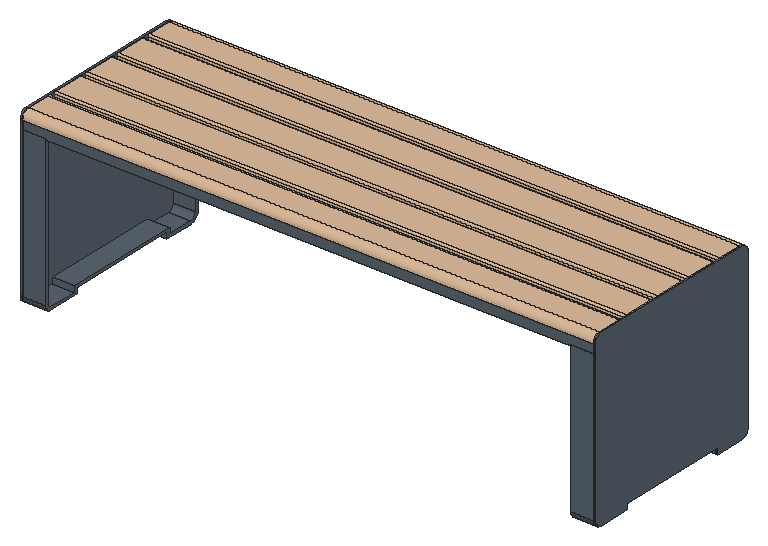
Revit family "product code 61107-S-L", category Meble, Revit 2021
Family settings
  Numer OmniClass = 23.40.20.00
  Tytuł OmniClass = General Furniture and Specialties
  Oparty na płaszczyźnie roboczej = Nie
  Zawsze pionowo = Tak
  Tnij formami wycięć po wczytaniu = Nie
  Współdzielony = Nie
  Punkt obliczania pomieszczeń = Nie
Parameters (values of type "61107-S-L")
  wood = Kobenhagen Wood - Larch
  metal = Kobenhagen RAL 5011
  Width = "50 cm"
  Weight = "45 kg"
  URL = "https://kobenhagen.com/en_US/p/Indre-By-3-person-Bench-wo-Backrest/206"
  Product line = "Indre By"
  Product Groups = "Benches"
  Producent = "Lars Laj"
  Keynote = ""
  Opis = "Indre By 3-person Bench w/o Backrest"
  Model = "61107-S-L"
  Material = "Larch, stainless steel, powder coated steel"
  Maintenance = "We recommend to examine and tighten all screws and bolt clamps after a few weeks’ use. In order to prevent cracks and to extend the life of the wood, it is recommended that the wood details should be oiled every 3-5 years."
  Lenght = "150 cm"
  Type Comments = ""
  Kobenhagen Materials = "larslaj.com/bim"
  Hosted on larslaj.com = "https://larslaj.com/bim"
  Height = "45 cm"
  Domyślna rzędna = 0 mm
  Copyright = "All designs and drawings are the intellectual property of Lars Laj A/S and are protected by Danish and international copyright laws."
Reference planes
  plane 1 "front": y = 0
  plane 2: z = 0
  plane 3 "Środek (Lewa/Prawa)": x = 0
  plane 4 "left": x = -745
  plane 5 "right": x = 745
  plane 6 "back": y = 575.242
  plane 7: x = -685
  plane 8: x = 685
  plane 9: x = 0.104
  plane 10: z = 405.966
Forms (mm)
  Extrusion 1, solid, material "Kobenhagen Wood - Larch" <- "wood"
    sketch origin (0, -0.031, 21.46) x (0, 1, 0) y (0, 0, 1)
      loop
        arc (260.118, 430.04) -> (256.583, 428.576) -> (255.118, 425.04) r 5
        line (255.118, 425.04) -> (255.118, 388.972)
        arc (255.118, 388.972) -> (255.693, 387.586) -> (257.078, 387.012) r 1.96
        line (257.078, 387.012) -> (342.493, 387.012)
        arc (342.493, 387.012) -> (343.908, 387.598) -> (344.493, 389.012) r 2
        line (344.493, 389.012) -> (344.493, 425.04)
        arc (344.493, 425.04) -> (343.029, 428.576) -> (339.493, 430.04) r 5
        line (339.493, 430.04) -> (260.118, 430.04)
    from -745 to 745
  Extrusion 2, solid, material "Kobenhagen Wood - Larch" <- "wood"
    sketch origin (0, -102.48, 21.46) x (0, 1, 0) y (0, 0, 1)
      loop
        arc (260.118, 430.04) -> (256.583, 428.576) -> (255.118, 425.04) r 5
        line (255.118, 425.04) -> (255.118, 388.972)
        arc (255.118, 388.972) -> (255.693, 387.586) -> (257.078, 387.012) r 1.96
        line (257.078, 387.012) -> (342.493, 387.012)
        arc (342.493, 387.012) -> (343.908, 387.598) -> (344.493, 389.012) r 2
        line (344.493, 389.012) -> (344.493, 425.04)
        arc (344.493, 425.04) -> (343.029, 428.576) -> (339.493, 430.04) r 5
        line (339.493, 430.04) -> (260.118, 430.04)
    from -745 to 745
  Extrusion 3, solid, material "Kobenhagen Wood - Larch" <- "wood"
    sketch origin (0, -204.98, 21.46) x (0, 1, 0) y (0, 0, 1)
      loop
        arc (275.801, 430.04) -> (261.497, 424.045) -> (255.743, 409.642) r 20.061
        line (255.743, 409.642) -> (258.916, 409.642) -> (258.916, 387.013) -> (343.118, 387.013)
        arc (343.118, 387.013) -> (344.532, 387.598) -> (345.117, 389.012) r 1.999
        line (345.117, 389.012) -> (345.117, 425.043)
        arc (345.117, 425.043) -> (343.653, 428.577) -> (340.119, 430.04) r 4.998
        line (340.119, 430.04) -> (275.801, 430.04)
    from -745 to 745
  Extrusion 4, solid, material "Kobenhagen Wood - Larch" <- "wood"
    sketch origin (0, 102.52, 22.625) x (0, 1, 0) y (0, 0, 1)
      loop
        arc (260.118, 428.875) -> (256.583, 427.411) -> (255.118, 423.875) r 5
        line (255.118, 423.875) -> (255.118, 387.808)
        arc (255.118, 387.808) -> (255.693, 386.422) -> (257.078, 385.848) r 1.96
        line (257.078, 385.848) -> (342.493, 385.848)
        arc (342.493, 385.848) -> (343.908, 386.433) -> (344.493, 387.848) r 2
        line (344.493, 387.848) -> (344.493, 423.875)
        arc (344.493, 423.875) -> (343.029, 427.411) -> (339.493, 428.875) r 5
        line (339.493, 428.875) -> (260.118, 428.875)
    from -745 to 745
  Extrusion 5, solid, material "Kobenhagen RAL 5011" <- "metal"
    sketch origin (1495.378, 0, 0) x (0, -1, 0) y (0, 0, 1)
      loop
        line (-71.187, 451.5) -> (-526.545, 451.5)
        arc (-526.545, 451.5) -> (-542.168, 445.029) -> (-548.638, 429.407) r 22.093
        line (-548.638, 429.407) -> (-548.638, 21.615)
        arc (-548.638, 21.615) -> (-542.307, 6.331) -> (-527.023, 0) r 21.615
        line (-527.023, 0) -> (-448.638, 0) -> (-448.638, 15) -> (-153.638, 15) -> (-153.638, 0) -> (-69.418, 0)
        arc (-69.418, 0) -> (-56.527, 5.34) -> (-51.187, 18.231) r 18.231
        line (-51.187, 18.231) -> (-51.187, 431.5)
        arc (-51.187, 431.5) -> (-57.045, 445.642) -> (-71.187, 451.5) r 20
    from 750.378 to 745
  Extrusion 6, solid, material "Kobenhagen RAL 5011" <- "metal", not visible
    sketch origin (0, 0, 0) x (0, 1, 0) y (0, 0, 1)
      loop
        arc (71.187, 451.5) -> (57.045, 445.642) -> (51.187, 431.5) r 20
        line (51.187, 431.5) -> (51.187, 18.231)
        arc (51.187, 18.231) -> (56.527, 5.34) -> (69.418, 0) r 18.231
        line (69.418, 0) -> (153.638, 0) -> (153.638, 15) -> (448.638, 15) -> (448.638, 0) -> (527.023, 0)
        arc (527.023, 0) -> (542.307, 6.331) -> (548.638, 21.615) r 21.615
        line (548.638, 21.615) -> (548.638, 429.407)
        arc (548.638, 429.407) -> (542.168, 445.029) -> (526.545, 451.5) r 22.093
        line (526.545, 451.5) -> (71.187, 451.5)
    from 750.378 to 745
  Extrusion 7, solid, material "Kobenhagen RAL 5011" <- "metal", not visible
    sketch origin (0, 0, 0) x (0, 1, 0) y (0, 0, 1)
      loop
        line (548.638, 396.844) -> (629.375, 854.725) -> (601.836, 859.581)
        arc (601.836, 859.581) -> (585.224, 855.898) -> (576.082, 841.547) r 22.232
        line (576.082, 841.547) -> (507.306, 451.5) -> (526.545, 451.5)
        arc (526.545, 451.5) -> (542.168, 445.029) -> (548.638, 429.407) r 22.093
        line (548.638, 429.407) -> (548.638, 396.844)
    from 745 to 750.378
  Extrusion 8, solid, material "Kobenhagen RAL 5011" <- "metal"
    sketch origin (0, 0, 0) x (0, -1, 0) y (0, 0, 1)
      loop
        line (-71.187, 451.5) -> (-526.545, 451.5)
        arc (-526.545, 451.5) -> (-542.168, 445.029) -> (-548.638, 429.407) r 22.093
        line (-548.638, 429.407) -> (-548.638, 21.615)
        arc (-548.638, 21.615) -> (-542.307, 6.331) -> (-527.023, 0) r 21.615
        line (-527.023, 0) -> (-448.638, 0) -> (-448.638, 15) -> (-153.638, 15) -> (-153.638, 0) -> (-69.418, 0)
        arc (-69.418, 0) -> (-56.527, 5.34) -> (-51.187, 18.231) r 18.231
        line (-51.187, 18.231) -> (-51.187, 431.5)
        arc (-51.187, 431.5) -> (-57.045, 445.642) -> (-71.187, 451.5) r 20
    from 750.378 to 745
  Extrusion 9, solid, material "Kobenhagen RAL 5011" <- "metal"
    sketch origin (0, 0, 0) x (0, 1, 0) y (0, 0, 1)
      loop
        line (548.638, 23.296) -> (548.638, 408.472) -> (51.187, 408.472) -> (51.187, 18.763)
        arc (51.187, 18.763) -> (56.683, 5.495) -> (69.95, 0) r 18.763
        line (69.95, 0) -> (153.638, 0) -> (153.638, 15) -> (448.638, 15) -> (448.638, 0) -> (525.342, 0)
        arc (525.342, 0) -> (541.815, 6.823) -> (548.638, 23.296) r 23.296
      loop
        line (58.687, 400.262) -> (58.687, 18.763)
        arc (58.687, 18.763) -> (61.986, 10.799) -> (69.95, 7.5) r 11.263
        line (69.95, 7.5) -> (146.138, 7.5) -> (146.138, 22.5) -> (456.138, 22.5) -> (456.138, 7.5) -> (525.342, 7.5)
        arc (525.342, 7.5) -> (536.512, 12.127) -> (541.138, 23.296) r 15.796
        line (541.138, 23.296) -> (541.138, 400.262) -> (58.687, 400.262)
    from -745 to -685
  Extrusion 10, solid, material "Kobenhagen RAL 5011" <- "metal"
    sketch origin (0, 0, 0) x (0, 1, 0) y (0, 0, 1)
      loop
        line (527.77, 408.472) -> (72.058, 408.472) -> (72.058, 405.966) -> (527.77, 405.966) -> (527.77, 408.472)
    from 30.093 to -29.679
  Extrusion 11, solid, material "Kobenhagen RAL 5011" <- "metal"
    sketch origin (0, 0, 0) x (0, 1, 0) y (0, 0, 1)
      loop
        line (53.936, 431.102) -> (51.187, 431.102) -> (51.187, 405.966) -> (72.058, 405.966) -> (72.058, 408.472) -> (53.936, 408.472) -> (53.936, 431.102)
    from -745 to 745
  Extrusion 12, solid, material "Kobenhagen RAL 5011" <- "metal"
    sketch origin (0, 0, 0) x (0, 1, 0) y (0, 0, -1)
      loop
        arc (548.638, -23.296) -> (541.815, -6.823) -> (525.342, 0) r 23.296
        line (525.342, 0) -> (448.638, 0) -> (448.638, -15) -> (153.638, -15) -> (153.638, 0) -> (69.95, 0)
        arc (69.95, 0) -> (56.683, -5.495) -> (51.187, -18.763) r 18.763
        line (51.187, -18.763) -> (51.187, -408.472) -> (548.638, -408.472) -> (548.638, -23.296)
      loop
        line (58.687, -400.262) -> (541.138, -400.262) -> (541.138, -23.296)
        arc (541.138, -23.296) -> (536.512, -12.127) -> (525.342, -7.5) r 15.796
        line (525.342, -7.5) -> (456.138, -7.5) -> (456.138, -22.5) -> (146.138, -22.5) -> (146.138, -7.5) -> (69.95, -7.5)
        arc (69.95, -7.5) -> (61.986, -10.799) -> (58.687, -18.763) r 11.263
        line (58.687, -18.763) -> (58.687, -400.262)
    from -745 to -685
  Extrusion 13, solid, material "Kobenhagen Wood - Larch" <- "wood"
    sketch origin (0, 804.004, 21.46) x (0, -1, 0) y (0, 0, -1)
      loop
        line (275.801, -430.04) -> (340.119, -430.04)
        arc (340.119, -430.04) -> (343.653, -428.577) -> (345.117, -425.043) r 4.998
        line (345.117, -425.043) -> (345.117, -389.012)
        arc (345.117, -389.012) -> (344.532, -387.598) -> (343.118, -387.013) r 1.999
        line (343.118, -387.013) -> (258.705, -387.013) -> (258.705, -409.642) -> (255.743, -409.642)
        arc (255.743, -409.642) -> (261.497, -424.045) -> (275.801, -430.04) r 20.061
    from -745 to 745
  Extrusion 14, solid, material "Kobenhagen RAL 5011" <- "metal"
    sketch origin (0, 599.828, 0.166) x (0, -1, 0) y (0, 0, -1)
      loop
        line (53.936, -430.936) -> (53.936, -408.306) -> (72.058, -408.306) -> (72.058, -405.8) -> (51.187, -405.8) -> (51.187, -430.936) -> (53.936, -430.936)
    from -745 to 745
Dimensions and locks
  Extrusion 1 sketch curve to Extrusion 1 sketch curve = 89.375 mm
  Extrusion 1 sketch curve to Extrusion 1 sketch curve = 43.028 mm
  Extrusion 2 sketch curve to Extrusion 2 sketch curve = 89.375 mm
  Extrusion 2 sketch curve to Extrusion 2 sketch curve = 43.028 mm
  Extrusion 3 sketch curve to Extrusion 3 sketch curve = 43.028 mm
  Extrusion 4 sketch curve to Extrusion 4 sketch curve = 89.375 mm
  Extrusion 4 sketch curve to Extrusion 4 sketch curve = 43.028 mm
  Extrusion 13 sketch curve to Extrusion 13 sketch curve = 43.028 mm
  aligned and locked: level to plane 2
  aligned and locked: plane 5 "right" to Extrusion 1
  aligned and locked: Extrusion 1 to plane 4 "left"
  aligned and locked: plane 5 "right" to Extrusion 4
  aligned and locked: plane 5 "right" to Extrusion 2
  aligned and locked: plane 5 "right" to Extrusion 3
  aligned and locked: Extrusion 4 to plane 4 "left"
  aligned and locked: Extrusion 2 to plane 4 "left"
  aligned and locked: Extrusion 3 to plane 4 "left"
  aligned and locked: plane 4 "left" to Extrusion 8
  aligned and locked: Extrusion 9 to plane 4 "left"
  aligned and locked: plane 7 to Extrusion 9
  aligned and locked: Extrusion 11 to plane 4 "left"
  aligned and locked: plane 5 "right" to Extrusion 11
